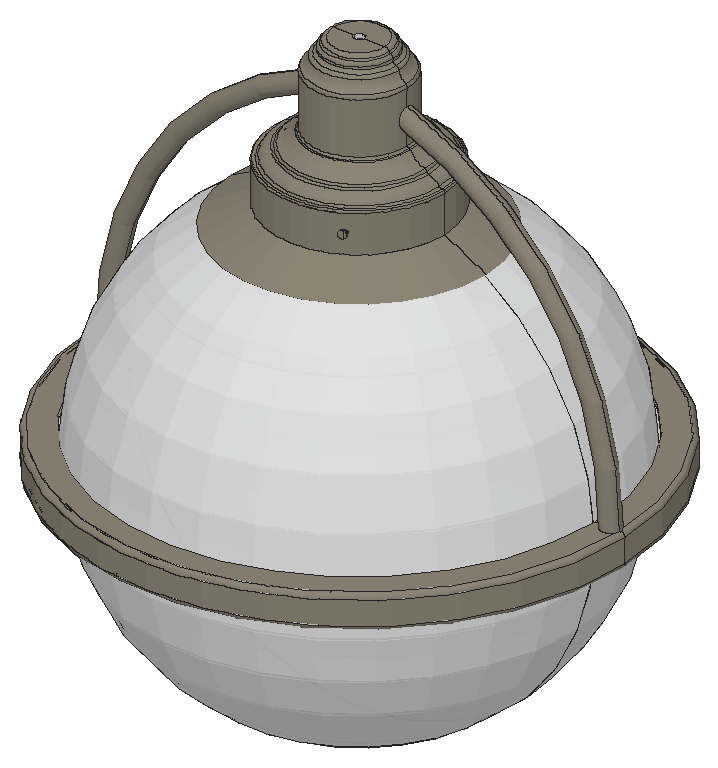
Revit family "SCPGOB12 SHADE", category Lighting Fixtures, Revit 2024
Family settings
  Round Connector Dimension = Use Diameter
  Part Type = Normal
  OmniClass Number = 23.80.70.00
  OmniClass Title = Lighting
  Work Plane-Based = No
  Always vertical = Yes
  Cut with Voids When Loaded = No
  Light Source = No
  Maintain Annotation Orientation = No
  Shared = No
  Room Calculation Point = No
Parameters
  Default Elevation = 0' - 0"
Reference planes (in)
  plane 1 "Light Source Axis (F/B)": y = 0
  plane 2: z = 0
  plane 3 "Light Source Axis (L/R)": x = 0
  plane 4 "Light Source Elevation": z = 54
Forms (in)
  Revolve 1, solid
    sketch origin (0, 0, 0.70998) x (1, 0, 0) y (0, 0, 1)
      loop
        arc (-2.175, 65.64071) -> (-2.72562, 65.40002) -> (-3.25, 65.10653) r 6.125
        line (-3.25, 65.10653) -> (-3.15014, 65.10653)
        arc (-3.15014, 65.10653) -> (-5.77231, 58.3628) -> (0, 54) r 6
        line (0, 54) -> (0, 54.09375)
        arc (0, 54.09375) -> (-5.72704, 58.55611) -> (-2.80016, 65.20028) r 5.90625
        line (-2.80016, 65.20028) -> (-2.90528, 65.20028)
        arc (-2.90528, 65.20028) -> (-2.50032, 65.40346) -> (-2.08125, 65.57566) r 6.03125
        line (-2.08125, 65.57566) -> (-2.08125, 66.54706)
        arc (-2.08125, 66.54706) -> (-2.00092, 66.57283) -> (-1.94569, 66.6366) r 0.15625
        arc (-1.94569, 66.6366) -> (-1.87137, 66.72899) -> (-1.76308, 66.77726) r 0.25247
        arc (-1.76308, 66.77726) -> (-1.68096, 66.80687) -> (-1.62753, 66.87591) r 0.15625
        arc (-1.62753, 66.87591) -> (-1.39894, 67.00664) -> (-1.21292, 67.19303) r 0.98977
        arc (-1.21292, 67.19303) -> (-1.14879, 67.25067) -> (-1.125, 67.33354) r 0.15625
        line (-1.125, 67.33354) -> (-1.125, 68.65005)
        arc (-1.125, 68.65005) -> (-0.98973, 68.78537) -> (-0.92065, 68.96381) r 0.46342
        arc (-0.92065, 68.96381) -> (-0.8239, 69.01752) -> (-0.76582, 69.11171) r 0.21875
        arc (-0.76582, 69.11171) -> (-0.75858, 69.155) -> (-0.75567, 69.19879) r 0.44201
        arc (-0.75567, 69.19879) -> (-0.71115, 69.2346) -> (-0.67741, 69.28071) r 0.21875
        arc (-0.67741, 69.28071) -> (-0.66593, 69.29259) -> (-0.65, 69.29696) r 0.03125
        line (-0.65, 69.29696) -> (-0.12916, 69.29696) -> (-0.12916, 69.39071) -> (-0.65, 69.39071)
        arc (-0.65, 69.39071) -> (-0.71374, 69.37323) -> (-0.75966, 69.32571) r 0.125
        arc (-0.75966, 69.32571) -> (-0.77601, 69.30253) -> (-0.79716, 69.28364) r 0.125
        arc (-0.79716, 69.28364) -> (-0.83447, 69.2419) -> (-0.84983, 69.18806) r 0.125
        arc (-0.84983, 69.18806) -> (-0.8522, 69.1618) -> (-0.85655, 69.13579) r 0.34826
        arc (-0.85655, 69.13579) -> (-0.88675, 69.08718) -> (-0.93545, 69.05713) r 0.125
        arc (-0.93545, 69.05713) -> (-0.98211, 69.02906) -> (-1.01241, 68.98383) r 0.125
        arc (-1.01241, 68.98383) -> (-1.06875, 68.83582) -> (-1.18186, 68.72497) r 0.36967
        arc (-1.18186, 68.72497) -> (-1.20916, 68.68432) -> (-1.21875, 68.6363) r 0.125
        line (-1.21875, 68.6363) -> (-1.21875, 67.33354)
        arc (-1.21875, 67.33354) -> (-1.22923, 67.2989) -> (-1.25715, 67.27587) r 0.0625
        arc (-1.25715, 67.27587) -> (-1.27147, 67.26751) -> (-1.28308, 67.25567) r 0.0625
        arc (-1.28308, 67.25567) -> (-1.45827, 67.0793) -> (-1.67517, 66.95785) r 0.89602
        arc (-1.67517, 66.95785) -> (-1.69883, 66.94156) -> (-1.7127, 66.91641) r 0.0625
        arc (-1.7127, 66.91641) -> (-1.73511, 66.88343) -> (-1.7729, 66.87071) r 0.0625
        arc (-1.7729, 66.87071) -> (-1.92569, 66.80547) -> (-2.03049, 66.67656) r 0.34622
        arc (-2.03049, 66.67656) -> (-2.05355, 66.65043) -> (-2.08703, 66.64071) r 0.0625
        arc (-2.08703, 66.64071) -> (-2.12002, 66.64161) -> (-2.15013, 66.62811) r 0.07411
        arc (-2.15013, 66.62811) -> (-2.16844, 66.60608) -> (-2.175, 66.57821) r 0.0625
        line (-2.175, 66.57821) -> (-2.175, 65.64071)
      axis (0, 69.39071) -> (0, 54)
    angle from 0 to 360
  Revolve 2, solid
    sketch origin (0, 0, 0.70998) x (1, 0, 0) y (0, 0, 1)
      loop
        arc (-6.645, 60.43747) -> (-6.73339, 60.40086) -> (-6.77, 60.31247) r 0.125
        line (-6.77, 60.31247) -> (-6.77, 59.72247)
        arc (-6.77, 59.72247) -> (-6.73339, 59.63408) -> (-6.645, 59.59747) r 0.125
        line (-6.645, 59.59747) -> (-6.0302, 59.59747) -> (-6.0302, 59.69122) -> (-6.645, 59.69122)
        arc (-6.645, 59.69122) -> (-6.6671, 59.70037) -> (-6.67625, 59.72247) r 0.03125
        line (-6.67625, 59.72247) -> (-6.67625, 60.31247)
        arc (-6.67625, 60.31247) -> (-6.6671, 60.33456) -> (-6.645, 60.34372) r 0.03125
        line (-6.645, 60.34372) -> (-6.0302, 60.34372) -> (-6.0302, 60.43747) -> (-6.645, 60.43747)
      axis (0, 60.43747) -> (0, 59.59747)
    angle from 0 to 360
  Sweep 3, solid
    path origin (0, 0, 0.70816) x (1, 0, 0) y (0, 0, 1)
      loop
        arc (-1.13979, 68.01496) -> (-5.01233, 65.05821) -> (-6.40577, 60.38946) r 7.87941
    profile origin (-5.01233, 0, 65.76636) x (0.822859, 0, -0.568246) y (0, -1, 0)
      loop
        circle (0, 0) r 0.24
  Sweep 4, solid
    path origin (0, 0, 0.70816) x (-1, 0, 0) y (0, 0, -1)
      loop
        arc (-1.13979, -68.01496) -> (-5.01233, -65.05821) -> (-6.40577, -60.38946) r 7.87941
    profile origin (5.01233, 0, 65.76636) x (0.822859, 0, 0.568246) y (0, -1, 0)
      loop
        circle (0, 0) r 0.24
  Revolve 5, solid
    sketch origin (0, 0, 0.75) x (1, 0, 0) y (0, 0, 1)
      loop
        line (-2.23072, 66.07831) -> (-2.04599, 66.07831) -> (-2.04599, 66.17134) -> (-2.23072, 66.17134) -> (-2.23072, 66.07831)
      axis (-2.04599, 66.07831) -> (-2.23072, 66.07831)
    angle from 0 to 360
  Revolve 6, solid
    sketch origin (0, 0, 0.75) x (-0.5, -0.866025, 0) y (0, 0, 1)
      loop
        line (-2.23072, 66.07831) -> (-2.04599, 66.07831) -> (-2.04599, 66.17134) -> (-2.23072, 66.17134) -> (-2.23072, 66.07831)
      axis (-2.04599, 66.07831) -> (-2.23072, 66.07831)
    angle from 0 to 360
  Revolve 7, solid
    sketch origin (0, 0, 0.75) x (-0.5, 0.866025, 0) y (0, 0, 1)
      loop
        line (-2.23072, 66.07831) -> (-2.04599, 66.07831) -> (-2.04599, 66.17134) -> (-2.23072, 66.17134) -> (-2.23072, 66.07831)
      axis (-2.04599, 66.07831) -> (-2.23072, 66.07831)
    angle from 0 to 360
  Revolve 8, solid
    sketch origin (0, 0, 0.70998) x (1, 0, 0) y (0, 0, 1)
      loop
        arc (-2.175, 65.64071) -> (-2.72562, 65.40002) -> (-3.25, 65.10653) r 6.125
        line (-3.25, 65.10653) -> (-3.15014, 65.10653)
        arc (-3.15014, 65.10653) -> (-5.89381, 58.87617) -> (-1.05, 54.09259) r 6
        line (-1.05, 54.09259) -> (-1.05, 53.93509)
        arc (-1.05, 53.93509) -> (-1.03169, 53.8909) -> (-0.9875, 53.87259) r 0.0625
        line (-0.9875, 53.87259) -> (-0.36373, 53.87259) -> (-0.36373, 53.62759) -> (-0.305, 53.62759)
        arc (-0.305, 53.62759) -> (-0.22747, 53.39106) -> (0, 53.29002) r 0.30657
        line (0, 53.29002) -> (0, 54.09375)
        arc (0, 54.09375) -> (-5.72704, 58.55611) -> (-2.80016, 65.20028) r 5.90625
        line (-2.80016, 65.20028) -> (-2.90528, 65.20028)
        arc (-2.90528, 65.20028) -> (-2.50032, 65.40346) -> (-2.08125, 65.57566) r 6.03125
        line (-2.08125, 65.57566) -> (-2.08125, 66.54706)
        arc (-2.08125, 66.54706) -> (-2.00092, 66.57283) -> (-1.94569, 66.6366) r 0.15625
        arc (-1.94569, 66.6366) -> (-1.87137, 66.72899) -> (-1.76308, 66.77726) r 0.25247
        arc (-1.76308, 66.77726) -> (-1.68096, 66.80687) -> (-1.62753, 66.87591) r 0.15625
        arc (-1.62753, 66.87591) -> (-1.39894, 67.00664) -> (-1.21292, 67.19303) r 0.98977
        arc (-1.21292, 67.19303) -> (-1.14879, 67.25067) -> (-1.125, 67.33354) r 0.15625
        line (-1.125, 67.33354) -> (-1.125, 68.65005)
        arc (-1.125, 68.65005) -> (-0.98973, 68.78537) -> (-0.92065, 68.96381) r 0.46342
        arc (-0.92065, 68.96381) -> (-0.8239, 69.01752) -> (-0.76582, 69.11171) r 0.21875
        arc (-0.76582, 69.11171) -> (-0.75858, 69.155) -> (-0.75567, 69.19879) r 0.44201
        arc (-0.75567, 69.19879) -> (-0.71115, 69.2346) -> (-0.67741, 69.28071) r 0.21875
        arc (-0.67741, 69.28071) -> (-0.66593, 69.29259) -> (-0.65, 69.29696) r 0.03125
        line (-0.65, 69.29696) -> (-0.12916, 69.29696) -> (-0.12916, 69.39071) -> (-0.65, 69.39071)
        arc (-0.65, 69.39071) -> (-0.71374, 69.37323) -> (-0.75966, 69.32571) r 0.125
        arc (-0.75966, 69.32571) -> (-0.77601, 69.30253) -> (-0.79716, 69.28364) r 0.125
        arc (-0.79716, 69.28364) -> (-0.83447, 69.2419) -> (-0.84983, 69.18806) r 0.125
        arc (-0.84983, 69.18806) -> (-0.8522, 69.1618) -> (-0.85655, 69.13579) r 0.34826
        arc (-0.85655, 69.13579) -> (-0.88675, 69.08718) -> (-0.93545, 69.05713) r 0.125
        arc (-0.93545, 69.05713) -> (-0.98211, 69.02906) -> (-1.01241, 68.98383) r 0.125
        arc (-1.01241, 68.98383) -> (-1.06875, 68.83582) -> (-1.18186, 68.72497) r 0.36967
        arc (-1.18186, 68.72497) -> (-1.20916, 68.68432) -> (-1.21875, 68.6363) r 0.125
        line (-1.21875, 68.6363) -> (-1.21875, 67.33354)
        arc (-1.21875, 67.33354) -> (-1.22923, 67.2989) -> (-1.25715, 67.27587) r 0.0625
        arc (-1.25715, 67.27587) -> (-1.27147, 67.26751) -> (-1.28308, 67.25567) r 0.0625
        arc (-1.28308, 67.25567) -> (-1.45827, 67.0793) -> (-1.67517, 66.95785) r 0.89602
        arc (-1.67517, 66.95785) -> (-1.69883, 66.94156) -> (-1.7127, 66.91641) r 0.0625
        arc (-1.7127, 66.91641) -> (-1.73511, 66.88343) -> (-1.7729, 66.87071) r 0.0625
        arc (-1.7729, 66.87071) -> (-1.92569, 66.80547) -> (-2.03049, 66.67656) r 0.34622
        arc (-2.03049, 66.67656) -> (-2.05355, 66.65043) -> (-2.08703, 66.64071) r 0.0625
        arc (-2.08703, 66.64071) -> (-2.12002, 66.64161) -> (-2.15013, 66.62811) r 0.07411
        arc (-2.15013, 66.62811) -> (-2.16844, 66.60608) -> (-2.175, 66.57821) r 0.0625
        line (-2.175, 66.57821) -> (-2.175, 65.64071)
      axis (0, 69.39071) -> (0, 53.29002)
    angle from 0 to 360
Dimensions and locks (in)
  aligned and locked: level to plane 2
